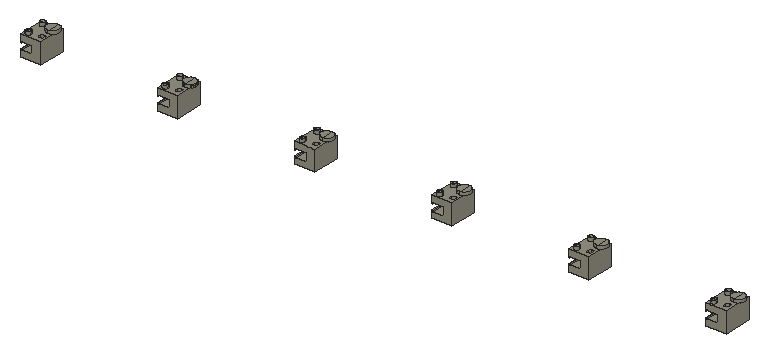
Revit family "Construction_Roof-Accessories_Alpine-SnowGuards_SnowMax-Standing_Seam_Fence", category Specialty Equipment, host Face, Revit 2019
Family settings
  Host = Face
  Round Connector Dimension = Use Diameter
  Part Type = Normal
  OmniClass Number = 23.35.20.31.27.14
  OmniClass Title = Snow Guards
  Cut with Voids When Loaded = No
  Shared = No
  Room Calculation Point = No
Parameters (values of type "SnowMax - Standing Seam")
  Z_Two [instance] = Z_Length > Z_Horizontal Spacing  # yes
  Z_One [instance] = not(Z_Array)  # no
  Z_Length [instance] = if(Length < Z_Horizontal Spacing, Z_Horizontal Spacing, Length)  # 50"
  Z_Horizontal Spacing [instance] = if(Horizontal Spacing < 2", 2", Horizontal Spacing)  # 10"
  Z_Array [instance] = and(Z_Length > Z_Horizontal Spacing * 2)  # yes
  Z2 = no
  URL = "https://www.alpinesnowguards.com/model/snowmax---standing-seam?utm_source=website_traffic&utm_medium=traffic&utm_campaign=smx_standing_seam_product_page&utm_term=website&utm_content=website_product_page?utm_source=bimobject&utm_medium=productlisting&utm_campaign=2022marketing"
  U2 = no
  T2 = no
  UT2 = yes
  Snow Guard Count [instance] = if(Z_Length < Horizontal Spacing, 1, if(and(Z_Length > Z_Horizontal Spacing, Z_Length < Z_Horizontal Spacing * 2), 2, Z_Number of Pads Control))  # 6
  Product data url = "https://www.bimobject.com/en-us/alpine-snowguards/product/SnowMax-Standing_Seam_Fence_Style_Snow_Guard"
  Product Material = Alpine SnowGuards - Aluminium - Mill Finish
  Product Guid = "787b4320-6630-4dac-a0b9-7ab4bf20129e"
  Z_Number of Pads Control [instance] = if(Z_Length / Z_Horizontal Spacing + 1 < 3, 3, rounddown(Z_Length / Z_Horizontal Spacing + 1))  # 6
  Pad Material = Alpine SnowGuards - Aluminium - Mill Finish
  Length Note [instance] = "To show a single SnowGuard in the Row, please set Length to 0"  # constant formula
  Model = "SnowMax - Standing Seam"
  Manufacturer = "Alpine SnowGuards"  # constant formula
  Length [instance] = 50"
  Keynote = "07720"
  Horizontal Spacing = 10"
  Edition number = 1
  Description = "SnowMax Standing Seam bar-style snow guard brackets. Multiple block configurations available for different seam styles."  # constant formula
  Default Elevation = 48"
  Assembly Code = "B3010"
Reference planes (in)
  plane 1 "Center (Front/Back)": y = 0
  plane 2: z = 0
  plane 3 "Center (Left/Right)": x = 0
  plane 4: x = 50
  plane 5: z = 0.125
  plane 6: x = 10
Dimensions and locks (in)
  "Z_Length": plane 3 "Center (Left/Right)" to plane 4
  locked: plane 5 to plane 2 at 0.125
  "Z_Horizontal Spacing": plane 3 "Center (Left/Right)" to plane 6
  equal spacing: group 1, group 2, group 3, group 4, group 5, group 6  (x3)
  aligned and locked: host face to plane 2
  aligned and locked: level to host face
  aligned and locked: plane 3 "Center (Left/Right)" to nested 1
  aligned and locked: plane 1 "Center (Front/Back)" to nested 1
  aligned and locked: plane 6 to nested 2
  aligned and locked: plane 1 "Center (Front/Back)" to nested 2
  aligned and locked: plane 1 "Center (Front/Back)" to nested 3
  aligned and locked: plane 3 "Center (Left/Right)" to nested 3
  aligned and locked: plane 6 to nested 4
  aligned and locked: plane 1 "Center (Front/Back)" to nested 4
Automatic sketch dimensions
  host sketch curve to host sketch curve = 135.21334"
  host sketch curve to host sketch curve = 96"
Nested families (in)
  nested 1: "Pad_SnowMax - Standing Seam Fence" at (0, 0, 0), Product Material <- "Product Material", visible <- "Z_Array", T2 <- "T2", U2 <- "U2", Z2 <- "Z2", UT2 <- "UT2", type "-"
    with Z2 no, UT2 yes, U2 no, T2 no, Product Material Alpine SnowGuards - Aluminium - Mill Finish
  nested 2: "Pad_SnowMax - Standing Seam Fence" at (10, 0, 0), Product Material <- "Product Material", visible <- "Z_Array", T2 <- "T2", U2 <- "U2", Z2 <- "Z2", UT2 <- "UT2", type "-"
    with Z2 no, UT2 yes, U2 no, T2 no, Product Material Alpine SnowGuards - Aluminium - Mill Finish
  nested 3: "Pad_SnowMax - Standing Seam Fence" at (0, 0, 0), T2 <- "T2", Z2 <- "Z2", visible <- "Z_One", Product Material <- "Product Material", U2 <- "U2", UT2 <- "UT2", type "-"
    with Z2 no, UT2 yes, U2 no, T2 no, Product Material Alpine SnowGuards - Aluminium - Mill Finish
  nested 4: "Pad_SnowMax - Standing Seam Fence" at (10, 0, 0), T2 <- "T2", Z2 <- "Z2", visible <- "Z_Two", Product Material <- "Product Material", U2 <- "U2", UT2 <- "UT2", type "-"
    with Z2 no, UT2 yes, U2 no, T2 no, Product Material Alpine SnowGuards - Aluminium - Mill Finish
  nested 5: "Pad_SnowMax - Standing Seam Fence" at (20, 0, 0), Product Material <- "Product Material", visible <- "Z_Array", T2 <- "T2", U2 <- "U2", Z2 <- "Z2", UT2 <- "UT2", type "-"
    with Z2 no, UT2 yes, U2 no, T2 no, Product Material Alpine SnowGuards - Aluminium - Mill Finish
  nested 6: "Pad_SnowMax - Standing Seam Fence" at (30, 0, 0), Product Material <- "Product Material", visible <- "Z_Array", T2 <- "T2", U2 <- "U2", Z2 <- "Z2", UT2 <- "UT2", type "-"
    with Z2 no, UT2 yes, U2 no, T2 no, Product Material Alpine SnowGuards - Aluminium - Mill Finish
  nested 7: "Pad_SnowMax - Standing Seam Fence" at (40, 0, 0), Product Material <- "Product Material", visible <- "Z_Array", T2 <- "T2", U2 <- "U2", Z2 <- "Z2", UT2 <- "UT2", type "-"
    with Z2 no, UT2 yes, U2 no, T2 no, Product Material Alpine SnowGuards - Aluminium - Mill Finish
  nested 8: "Pad_SnowMax - Standing Seam Fence" at (50, 0, 0), Product Material <- "Product Material", visible <- "Z_Array", T2 <- "T2", U2 <- "U2", Z2 <- "Z2", UT2 <- "UT2", type "-"
    with Z2 no, UT2 yes, U2 no, T2 no, Product Material Alpine SnowGuards - Aluminium - Mill Finish
Definition of nested family "Pad_SnowMax - Standing Seam Fence"
  Parameters (values of type "-")
    Z2 [instance] = no
    URL = ""
    UT2 [instance] = no
    T2 [instance] = yes
    Product Material [instance] = none
    U2 [instance] = no
    Model = ""
    Manufacturer = ""
    Keynote = ""
    Description = ""
    Assembly Code = ""
  Reference planes (in)
    plane 1 "Center (Front/Back)": y = 0
    plane 2: z = 0
    plane 3 "Center (Left/Right)": x = 0
    plane 4: x = 0.75
    plane 5: x = -0.75
    plane 6: z = 1.5
    plane 7: y = 1
    plane 8: y = -1
  Forms (in)
    Extrusion 1, solid, material <- "Product Material", visible <- "U2"
      sketch origin (0, 0, 0) x (1, 0, 0) y (0, 1, 0)
        loop
          line (-0.75, 1) -> (-0.75, -1) -> (0.75, -1) -> (0.75, 1) -> (-0.75, 1)
        loop
          circle (0, -0.5) r 0.1875
      from 0.875 to 1.5
    Extrusion 2, solid, material <- "Product Material", visible <- "U2"
      sketch origin (0, 0, 0) x (1, 0, 0) y (0, 0, 1)
        loop
          line (-0.75, 0.875) -> (-0.75, 0) -> (-0.21875, 0) -> (-0.21875, 0.06921) -> (-0.28125, 0.06921) -> (-0.28125, 0.875) -> (-0.75, 0.875)
        loop
          line (0.21875, 0) -> (0.28125, 0) -> (0.28125, 0.06921) -> (0.21875, 0.06921) -> (0.21875, 0)
      from -1 to 1
    Extrusion 3, solid, material <- "Product Material", visible <- "U2"
      sketch origin (0, 0, 0) x (0, 1, 0) y (0, 0, 1)
        loop
          line (1, 0.875) -> (-1, 0.875) -> (-1, 0) -> (1, 0) -> (1, 0.875)
      from 0.28125 to 0.75
    Revolve 4, solid, material <- "Product Material", visible <- "U2", detail levels fine
      sketch origin (0, 0.65647, 0) x (1, 0, 0) y (0, 0, 1)
        loop
          line (0.75, 0.13406) -> (0.90756, 0.13406) -> (0.90756, 0.32069) -> (0.75, 0.32069) -> (0.75, 0.13406)
        axis (0.75, 0.32069) -> (0.90756, 0.32069)
      angle from 0 to 360
    Revolve 5, solid, material <- "Product Material", visible <- "U2", detail levels fine
      sketch origin (0, -0.65647, 0) x (1, 0, 0) y (0, 0, 1)
        loop
          line (0.75, 0.13406) -> (0.90756, 0.13406) -> (0.90756, 0.32069) -> (0.75, 0.32069) -> (0.75, 0.13406)
        axis (0.90756, 0.32069) -> (0.75, 0.32069)
      angle from 0 to 360
    Revolve 6, solid, material <- "Product Material", visible <- "U2", detail levels medium+fine
      sketch origin (0, 1, 0) x (0, 1, 0) y (0, 0, 1)
        loop
          line (-0.5, 1.5) -> (-0.04688, 1.5) -> (-0.04688, 1.67678) -> (-0.5, 1.67678) -> (-0.5, 1.5)
        axis (-0.5, 1.5) -> (-0.5, 1.67678)
      angle from 0 to 360
    Extrusion 7, solid, material <- "Product Material", visible <- "UT2"
      sketch origin (0, 0, 0) x (1, 0, 0) y (0, 1, 0)
        loop
          line (0.125, 1) -> (0.125, -1) -> (0.75, -1) -> (0.75, 1) -> (0.125, 1)
        loop
          circle (0.4375, -0.5) r 0.1875
      from 0 to 1.5
    Extrusion 8, solid, material <- "Product Material", visible <- "UT2"
      sketch origin (0, 0, 0) x (1, 0, 0) y (0, 0, 1)
        loop
          line (0.125, 0) -> (0.125, 0.46875) -> (-0.65734, 0.46875) -> (-0.65734, 0.53125) -> (-0.75, 0.53125) -> (-0.75, 0) -> (0.125, 0)
        loop
          line (-0.75, 1.03125) -> (-0.75, 0.96875) -> (-0.65734, 0.96875) -> (-0.65734, 1.03125) -> (-0.75, 1.03125)
      from -1 to 1
    Extrusion 9, solid, material <- "Product Material", visible <- "UT2"
      sketch origin (0, 0, 0) x (1, 0, 0) y (0, 1, 0)
        loop
          line (-0.75, 1) -> (-0.75, -1) -> (0.125, -1) -> (0.125, 1) -> (-0.75, 1)
      from 1.03125 to 1.5
    Revolve 10, solid, material <- "Product Material", visible <- "UT2", detail levels fine
      sketch origin (0, 0.64544, 0) x (1, 0, 0) y (0, 0, 1)
        loop
          line (-0.4375, 1.67887) -> (-0.625, 1.67887) -> (-0.625, 1.5) -> (-0.4375, 1.5) -> (-0.4375, 1.67887)
        axis (-0.4375, 1.67887) -> (-0.4375, 1.5)
      angle from 0 to 360
    Revolve 11, solid, material <- "Product Material", visible <- "UT2", detail levels fine
      sketch origin (0, -0.64544, 0) x (1, 0, 0) y (0, 0, 1)
        loop
          line (-0.4375, 1.67887) -> (-0.57167, 1.67887) -> (-0.625, 1.67887) -> (-0.625, 1.5) -> (-0.4375, 1.5) -> (-0.4375, 1.67887)
        axis (-0.4375, 1.67887) -> (-0.4375, 1.5)
      angle from 0 to 360
    Revolve 12, solid, material <- "Product Material", visible <- "UT2", detail levels medium+fine
      sketch origin (0.4375, 0, 0) x (0, 1, 0) y (0, 0, 1)
        loop
          line (0.5, 1.5) -> (0.5, 1.67887) -> (0.05783, 1.67887) -> (0.05783, 1.5) -> (0.5, 1.5)
        axis (0.5, 1.67887) -> (0.5, 1.5)
      angle from 0 to 360
    Extrusion 13, solid, material <- "Product Material", visible <- "Z2"
      sketch origin (0, 0, 0) x (1, 0, 0) y (0, 0, 1)
        loop
          line (-1.28125, 0) -> (-0.46875, 0) -> (-0.46875, 0.25)
          arc (-0.46875, 0.25) -> (-0.90065, 0.75291) -> (-0.39774, 1.18481) r 0.46875
          arc (-0.39774, 1.18481) -> (0.21881, 0.88731) -> (0.46875, 0.25) r 0.9375
          line (0.46875, 0.25) -> (0.46875, 0) -> (1.28125, 0) -> (1.28125, 2) -> (-1.28125, 2) -> (-1.28125, 0)
      from -1 to 1
    Revolve 14, solid, material <- "Product Material", visible <- "Z2", detail levels medium+fine
      sketch origin (0, 1, 0.5) x (0, 1, 0) y (0, 0, 1)
        loop
          line (-0.5, 1.5) -> (-0.04688, 1.5) -> (-0.04688, 1.67678) -> (-0.5, 1.67678) -> (-0.5, 1.5)
        axis (-0.5, 1.5) -> (-0.5, 1.67678)
      angle from 0 to 360
    Extrusion 15, solid, material <- "Product Material", visible <- "T2"
      sketch origin (0, 0, 0) x (1, 0, 0) y (0, 0, 1)
        loop
          line (-1.21875, 1.625) -> (-1.21875, 0) -> (-0.8125, 0)
          arc (-0.8125, 0) -> (-0.76831, 0.01831) -> (-0.75, 0.0625) r 0.0625
          line (-0.75, 0.0625) -> (-0.75, 0.25)
          arc (-0.75, 0.25) -> (-0.68564, 0.60277) -> (-0.50086, 0.91008) r 0.999
          arc (-0.50086, 0.91008) -> (-0.41617, 0.97271) -> (-0.31321, 0.9949) r 0.25
          line (-0.31321, 0.9949) -> (0.6381, 0.9949)
          arc (0.6381, 0.9949) -> (0.88554, 0.74745) -> (0.6381, 0.5) r 0.24745
          line (0.6381, 0.5) -> (0.18137, 0.5)
          arc (0.18137, 0.5) -> (0.14151, 0.48349) -> (0.125, 0.44363) r 0.05637
          line (0.125, 0.44363) -> (0.125, 0.0625)
          arc (0.125, 0.0625) -> (0.14331, 0.01831) -> (0.1875, 0) r 0.0625
          line (0.1875, 0) -> (1.21875, 0) -> (1.21875, 1.625) -> (-1.21875, 1.625)
      from -1 to 1
    Revolve 16, solid, material <- "Product Material", visible <- "T2", detail levels medium+fine
      sketch origin (0, 1, 0.125) x (0, 1, 0) y (0, 0, 1)
        loop
          line (-0.5, 1.5) -> (-0.04688, 1.5) -> (-0.04688, 1.67678) -> (-0.5, 1.67678) -> (-0.5, 1.5)
        axis (-0.5, 1.5) -> (-0.5, 1.67678)
      angle from 0 to 360
  Cuts and joins
    joined: Extrusion 1, Extrusion 2, Extrusion 3
    joined: Extrusion 7, Extrusion 8, Extrusion 9
  Dimensions and locks (in)
    equal spacing: plane 5, plane 3 "Center (Left/Right)", plane 4
    locked: plane 5 to plane 4 at 1.5
    locked: level to Revolve 6 sketch curve at 1.5
    locked: Revolve 6 sketch curve to Revolve 6 sketch curve at 0.17678
    locked: level to plane 6 at 1.5
    equal spacing: plane 8, plane 1 "Center (Front/Back)", plane 7
    locked: plane 8 to plane 7 at 2
    equal spacing: Extrusion 13 sketch curve, plane 3 "Center (Left/Right)", Extrusion 13 sketch curve
    locked: Extrusion 13 sketch curve to Extrusion 13 sketch curve at 2.5625
    locked: Extrusion 13 sketch curve to level at 2
    locked: Revolve 14 sketch curve to Revolve 14 sketch curve at 0.17678
    locked: Revolve 16 sketch curve to Revolve 16 sketch curve at 0.17678
    locked: level to Extrusion 15 sketch curve at 1.625
    equal spacing: Extrusion 15 sketch curve, plane 3 "Center (Left/Right)", Extrusion 15 sketch curve
    locked: Extrusion 15 sketch curve to Extrusion 15 sketch curve at 2.4375
    locked: Extrusion 15 sketch curve to Extrusion 15 sketch curve at 0.875
    aligned and locked: level to plane 2
    aligned and locked: Revolve 5 sketch curve to Revolve 5 sketch curve
    aligned and locked: Extrusion 13 to plane 7
    aligned and locked: Extrusion 13 to plane 8
    aligned and locked: Extrusion 15 to plane 7
    aligned and locked: Extrusion 15 to plane 8
  Automatic sketch dimensions
    Extrusion 1 sketch curve to plane 3 "Center (Left/Right)" = 0"
    plane 1 "Center (Front/Back)" to Extrusion 1 sketch curve = 1/2"
    Extrusion 2 sketch curve to level = 0"  (x2)
    Extrusion 2 sketch curve to Extrusion 2 sketch curve = 1/16"  (x2)
    Extrusion 3 sketch curve to level = 0"
    Revolve 6 sketch curve to plane 1 "Center (Front/Back)" = 1/2"
    Revolve 6 sketch curve to Revolve 6 sketch curve = 0"  (x2)
    Revolve 6 sketch curve to Revolve 6 sketch curve = 29/64"
    Revolve 6 sketch curve to Revolve 6 sketch curve = 5/8"
    plane 3 "Center (Left/Right)" to Extrusion 1 sketch curve = 3/4"
    plane 3 "Center (Left/Right)" to Extrusion 2 sketch curve = 7/32"
    Extrusion 1 sketch curve to plane 3 "Center (Left/Right)" = 3/4"
    Extrusion 2 sketch curve to plane 3 "Center (Left/Right)" = 7/32"
    Extrusion 2 sketch curve to Extrusion 2 sketch curve = 15/32"
    plane 3 "Center (Left/Right)" to Revolve 4 sketch curve = 3/4"
    Revolve 4 sketch curve to Revolve 4 sketch curve = 0.55069"
    Revolve 4 sketch curve to Revolve 4 sketch curve = 0.03134"
    Revolve 4 sketch curve to Revolve 4 sketch curve = 0"
    plane 4 to Revolve 4 sketch curve = 0.15756"
    Revolve 4 sketch curve to Revolve 4 sketch curve = 0.18664"
    plane 3 "Center (Left/Right)" to Revolve 5 sketch curve = 3/4"
    plane 4 to Revolve 5 sketch curve = 0.15756"
    Revolve 5 sketch curve to Revolve 5 sketch curve = 0.18664"
    Revolve 5 sketch curve to Revolve 5 sketch curve = 0.63595"
    Revolve 5 sketch curve to plane 4 = 0.24096"
    Extrusion 7 sketch curve to plane 4 = 5/8"
    Extrusion 7 sketch curve to Extrusion 7 sketch curve = 5/16"  (x2)
    plane 1 "Center (Front/Back)" to Extrusion 7 sketch curve = 1/2"
    Extrusion 7 sketch curve to Extrusion 7 sketch curve = 1/2"
    Extrusion 8 sketch curve to level = 0"
    Extrusion 8 sketch curve to plane 4 = 1 1/2"
    Extrusion 8 sketch curve to Extrusion 8 sketch curve = 0"
    Extrusion 8 sketch curve to Extrusion 8 sketch curve = 0.09266"  (x2)
    Extrusion 8 sketch curve to Extrusion 8 sketch curve = 0.78234"
    Extrusion 8 sketch curve to Extrusion 8 sketch curve = 1/16"  (x2)
    Extrusion 8 sketch curve to Extrusion 8 sketch curve = 7/16"
    Extrusion 9 sketch curve to plane 4 = 1 1/2"
    Revolve 11 sketch curve to plane 4 = 1 3/8"
    Revolve 11 sketch curve to Revolve 11 sketch curve = 0.05333"
    Revolve 11 sketch curve to Revolve 11 sketch curve = 0.13417"
    Revolve 11 sketch curve to Revolve 11 sketch curve = 0"
    Revolve 11 sketch curve to Revolve 11 sketch curve = 0.04392"
    Revolve 11 sketch curve to Revolve 11 sketch curve = 0.13495"
    Revolve 11 sketch curve to Revolve 11 sketch curve = 15/32"
    Revolve 10 sketch curve to Revolve 10 sketch curve = 3/16"
    Revolve 10 sketch curve to Revolve 10 sketch curve = 0.17887"
    Revolve 10 sketch curve to Revolve 10 sketch curve = 0"
    Revolve 10 sketch curve to Revolve 10 sketch curve = 0.64762"
    Revolve 10 sketch curve to Revolve 10 sketch curve = 0.6808"
    Revolve 10 sketch curve to plane 4 = 1 3/8"
    Revolve 12 sketch curve to plane 1 "Center (Front/Back)" = 1/2"
    Revolve 12 sketch curve to Revolve 12 sketch curve = 0.17887"
    Revolve 12 sketch curve to plane 1 "Center (Front/Back)" = 0.05783"
    Revolve 12 sketch curve to Revolve 12 sketch curve = 0"  (x2)
    Revolve 12 sketch curve to Revolve 12 sketch curve = 0.07113"
    Extrusion 9 sketch curve to Extrusion 9 sketch curve = 7/8"
    level to Extrusion 2 sketch curve = 0.06921"  (x2)
    plane 6 to Extrusion 2 sketch curve = 5/8"
    plane 6 to Extrusion 3 sketch curve = 5/8"
    level to Revolve 4 sketch curve = 0.13406"
    level to Revolve 5 sketch curve = 0.13406"
    Extrusion 8 sketch curve to Extrusion 8 sketch curve = 15/32"
    Revolve 10 sketch curve to plane 6 = 0"
    Revolve 11 sketch curve to plane 6 = 0"
    plane 6 to Revolve 12 sketch curve = 0"
    Extrusion 1 sketch curve to plane 1 "Center (Front/Back)" = 1"
    Extrusion 3 sketch curve to plane 1 "Center (Front/Back)" = 1"
    Extrusion 7 sketch curve to plane 1 "Center (Front/Back)" = 1"
    Extrusion 9 sketch curve to plane 1 "Center (Front/Back)" = 1"
    Extrusion 1 sketch curve to Extrusion 1 sketch curve = 1/2"
    plane 1 "Center (Front/Back)" to Extrusion 3 sketch curve = 1"
    plane 1 "Center (Front/Back)" to Extrusion 9 sketch curve = 1"
    Extrusion 13 sketch curve to level = 0"  (x2)
    Extrusion 13 sketch curve to plane 5 = 9/32"
    Extrusion 13 sketch curve to Extrusion 13 sketch curve = 0"  (x2)
    Extrusion 13 sketch curve to plane 5 = 0.31675"
    Extrusion 13 sketch curve to plane 4 = 9/32"
    Extrusion 13 sketch curve to Extrusion 13 sketch curve = 1/4"
    Extrusion 13 sketch curve to Extrusion 13 sketch curve = 0.4674"
    Revolve 14 sketch curve to plane 1 "Center (Front/Back)" = 1/2"
    plane 7 to Revolve 14 sketch curve = 3/64"
    Revolve 14 sketch curve to plane 6 = 1/2"
    Revolve 14 sketch curve to Revolve 14 sketch curve = 0"  (x2)
    Revolve 14 sketch curve to Revolve 14 sketch curve = 5/8"
    Revolve 16 sketch curve to plane 1 "Center (Front/Back)" = 1/2"
    plane 7 to Revolve 16 sketch curve = 3/64"
    Revolve 16 sketch curve to plane 6 = 1/8"
    Revolve 16 sketch curve to Revolve 16 sketch curve = 0"  (x2)
    plane 6 to Revolve 16 sketch curve = 1/2"
    Extrusion 15 sketch curve to level = 0"  (x2)
    plane 5 to Extrusion 15 sketch curve = 0"
    plane 5 to Extrusion 15 sketch curve = 1/16"
    Extrusion 15 sketch curve to plane 3 "Center (Left/Right)" = 0.31321"
    Extrusion 15 sketch curve to Extrusion 15 sketch curve = 0.05637"
    Extrusion 15 sketch curve to Extrusion 15 sketch curve = 1/16"
    Extrusion 15 sketch curve to Extrusion 15 sketch curve = 0.0615"
    Extrusion 15 sketch curve to plane 4 = 0.1119"
    Extrusion 15 sketch curve to Extrusion 15 sketch curve = 3/16"
    Extrusion 15 sketch curve to Extrusion 15 sketch curve = 0.19363"
    Extrusion 15 sketch curve to Extrusion 15 sketch curve = 0.30127"
    Extrusion 15 sketch curve to Extrusion 15 sketch curve = 0.24745"
    radius of Extrusion 1 sketch curve = 3/16"
    radius of Extrusion 7 sketch curve = 3/16"
